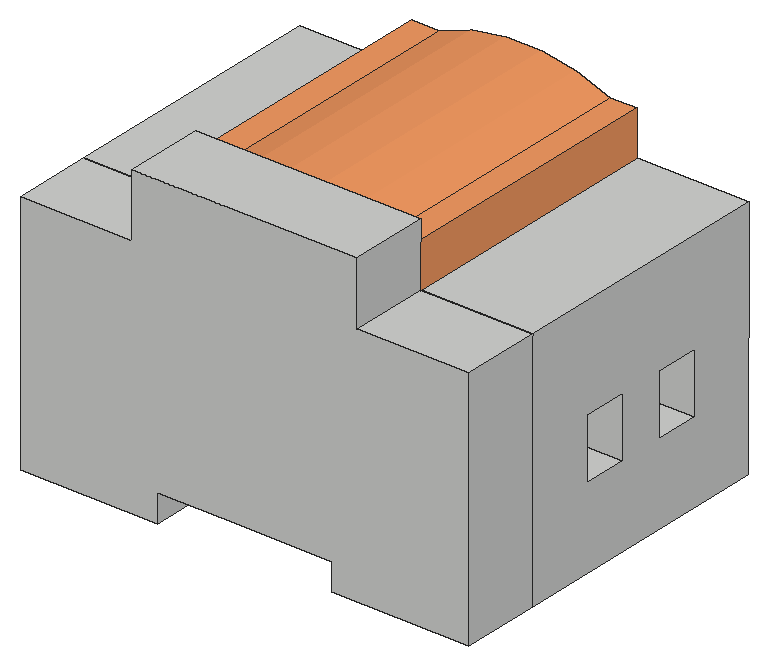
Revit family "PV Kombiableiter mit Fernsignalisierung", category Generic Models, Revit 2015
Parameters (values of type "V25-B+C 3PHFS900")
  Width = 90 mm
  URL = "http://www.obo-bettermann.com"
  Material 2 = OBO PA 6 GF20 RAL 2003
  Material = OBO PA 6 GF20
  Manufacturer Art.No. = "5097448"
  Manufacturer = "OBO Bettermann"
  Length = 54 mm
  Height = 61.8 mm
  GTIN = "4012195709121"
  Cut depth = 12 mm
  Article Type = "V25-B+C 3PHFS900"
Types (3, lengths in mm): name | Manufacturer Art.No. | GTIN | Article Type
  (no name) | "5097448" | "4012195709121" | "V25-B+C 3PHFS900"
  V50-B+C 3PHFS600 | "5093625" | "4012195709022" | "V50-B+C 3PHFS600"
  V25-B+C 3PHFS900 | "5097448" | "4012195709121" | "V25-B+C 3PHFS900"
Reference planes
  plane 1 "Center (Front/Back)": y = 0
  plane 2: z = 0
  plane 3 "Center (Left/Right)": x = 0
  plane 4: z = 54.998
  plane 5: y = 27
  plane 6: y = -27
  plane 7: z = 37
  plane 8: z = 48
  plane 9: z = 46
  plane 10: z = 58
  plane 11: z = 61.8
  plane 12: x = 30.5
  plane 13: y = -43
Forms (mm)
  Extrusion 1, solid, material "OBO PA 6 GF20" <- "Material"
    sketch origin (0, 0, 0) x (1, 0, 0) y (0, 0, 1)
      loop
        line (0, 5.5) -> (17.5, 5.5) -> (17.5, 0) -> (45, 0) -> (45, 49) -> (-45, 49) -> (-45, 0) -> (-17.5, 0) -> (-17.5, 5.5) -> (0, 5.5)
    from -27 to 27
  Extrusion 2, void
    sketch origin (0, 0, 0) x (1, 0, 0) y (0, 0, 1)
      loop
        line (-22.55, 49) -> (-22.55, 12.55) -> (22.55, 12.55) -> (22.55, 49) -> (-22.55, 49)
    from -27 to 27
  Extrusion 3, solid, material "OBO PA 6 GF20 RAL 2003" <- "Material 2"
    sketch origin (0, 0, 0) x (1, 0, 0) y (0, 0, 1)
      loop
        line (-22.55, 12.55) -> (22.541, 12.55) -> (22.541, 58) -> (17.141, 58)
        arc (17.141, 58) -> (-0.004, 61.8) -> (-17.15, 58) r 40.581
        line (-17.15, 58) -> (-22.55, 58) -> (-22.55, 12.55)
    from -27 to 27
  Extrusion 4, void
    sketch origin (0, 0, 0) x (0, 1, 0) y (0, 0, 1)
      loop
        line (13.5, 28.5) -> (4.5, 28.5) -> (4.5, 16.3) -> (13.5, 16.3) -> (13.5, 28.5)
      loop
        line (-4.5, 28.5) -> (-13.5, 28.5) -> (-13.5, 16.3) -> (-4.5, 16.3) -> (-4.5, 28.5)
    from 30.5 to 45
  Extrusion 5, solid, material "OBO PA 6 GF20" <- "Material"
    sketch origin (0, 0, 0) x (1, 0, 0) y (0, 0, 1)
      loop
        line (-45, 49) -> (-45, 0) -> (-17.5, 0) -> (-17.5, 5.5) -> (0, 5.5) -> (17.5, 5.5) -> (17.5, 0) -> (45, 0) -> (45, 49) -> (22.541, 49) -> (22.541, 61.8) -> (-22.55, 61.8) -> (-22.55, 49) -> (-45, 49)
    from 27 to 43
Cuts and joins
  Extrusion 2, Extrusion 4 cuts Extrusion 1
  Extrusion 4 cuts Extrusion 3
Dimensions and locks
  locked: Extrusion 1 sketch curve to plane 3 "Center (Left/Right)" at 45
  locked: Extrusion 1 sketch curve to level at 5.5
  locked: Extrusion 1 sketch curve to plane 3 "Center (Left/Right)" at 17.5
  "Width": Extrusion 1 sketch curve to Extrusion 1 sketch curve
  locked: plane 3 "Center (Left/Right)" to Extrusion 1 sketch curve at 17.5
  locked: Extrusion 1 sketch curve to level at 49
  "Length": plane 5 to plane 6
  locked: plane 8 to plane 9 at 2
  Extrusion 2 sketch curve to Extrusion 2 sketch curve = 45.1 mm
  equal spacing: Extrusion 2 sketch curve, plane 3 "Center (Left/Right)", Extrusion 2 sketch curve, locked at 22.55 each
  locked: Extrusion 1 to Extrusion 2 sketch curve at 36.45
  locked: plane 10 to cut or joined group of Extrusion 1, Extrusion 2, Extrusion 4 at 9
  "Height": plane 11 to level
  locked: Extrusion 3 sketch curve to Extrusion 3 sketch curve at 5.4  (x2)
  locked: plane 5 to plane 1 "Center (Front/Back)" at 27
  locked: Extrusion 4 sketch curve to Extrusion 4 sketch curve at 12.2
  locked: Extrusion 4 sketch curve to Extrusion 4 sketch curve at 9  (x3)
  equal spacing: Extrusion 4 sketch curve, plane 1 "Center (Front/Back)", Extrusion 4 sketch curve, locked at 4.5 each
  locked: Extrusion 4 sketch curve to level at 16.3
  locked: cut or joined group of Extrusion 1, Extrusion 2, Extrusion 4 to plane 12 at 14.5
  locked: plane 13 to plane 5 at 70
  radius of Extrusion 3 sketch curve = 40.581 mm
  aligned and locked: level to plane 2
  aligned and locked: Extrusion 1 to plane 5
  aligned and locked: plane 6 to Extrusion 1
  aligned and locked: level to Extrusion 1 sketch curve
  aligned and locked: Extrusion 2 sketch curve to Extrusion 1
  aligned and locked: Extrusion 1 to Extrusion 2  (x2)
  aligned and locked: cut or joined group of Extrusion 1, Extrusion 2, Extrusion 4 to Extrusion 3 sketch curve
  aligned and locked: Extrusion 3 sketch curve to cut or joined group of Extrusion 1, Extrusion 2, Extrusion 4
  aligned and locked: Extrusion 3 sketch curve to plane 10  (x2)
  aligned and locked: Extrusion 3 to plane 5
  aligned and locked: plane 6 to Extrusion 3
  aligned and locked: Extrusion 4 sketch curve to Extrusion 4 sketch curve  (x2)
  aligned and locked: Extrusion 4 to plane 12
  aligned and locked: Extrusion 1 to Extrusion 4
  aligned and locked: Extrusion 5 sketch curve to cut or joined group of Extrusion 1, Extrusion 2, Extrusion 4  (x9)
  aligned and locked: Extrusion 5 sketch curve to Extrusion 5 sketch curve
  aligned and locked: Extrusion 5 sketch curve to cut or joined group of Extrusion 3, Extrusion 4  (x2)
  aligned and locked: Extrusion 5 sketch curve to plane 11
  aligned and locked: Extrusion 5 to plane 6
  aligned and locked: Extrusion 5 to plane 13
Automatic sketch dimensions
  Extrusion 1 sketch curve to plane 3 "Center (Left/Right)" = 0 mm
  Extrusion 1 sketch curve to level = 0 mm
  Extrusion 3 sketch curve to plane 3 "Center (Left/Right)" = 0.004 mm
  Extrusion 5 sketch curve to plane 3 "Center (Left/Right)" = 0 mm
